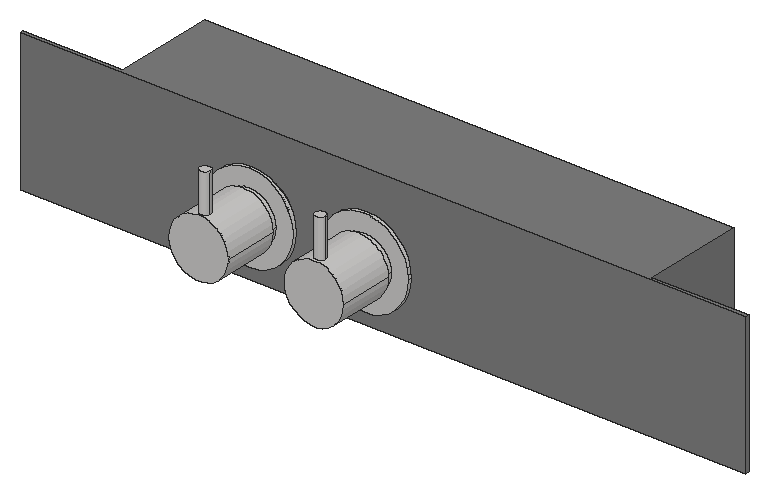
Revit family "701", category Plumbing Fixtures, Revit 2021
Family settings
  Round Connector Dimension = Use Diameter
  Part Type = Normal
  Work Plane-Based = No
  Always vertical = Yes
  Cut with Voids When Loaded = No
  Shared = No
  Room Calculation Point = No
Parameters
  e-mail = "info@vola.com"
  URL = "http://vola.com"
  Telephone = "+45 7023 5500"
  Quality management standard = "ISO 9001"
  Organisation no. / DUNS no. = "17531328"
  Occupational health and safety management standard = "ISO 18001"
  Mounting Instructions = "http://vola.com/service/producturl.ashx?name=701"
  Model = "701"
  Mixer Offset [instance] = 12.00 mm
  Mixer = yes
  Materials and components information = "http://vola.com/service/producturl.ashx?name=701"
  Manufacturer = "VOLA A/S"
  Maintenance Instructions = "http://vola.com/service/producturl.ashx?name=701"
  Guarantee = "2 years"
  Flow = "65,00 l/min"
  Environmental management standard = "ISO 14000"
  Default Elevation = 0.00 mm
  Connection - All relevant connections = "½\" for water connection"
  Approvals = "http://vola.com/service/producturl.ashx?name=701"
Reference planes
  plane 1 "Center (Front/Back)": y = 0
  plane 2: z = 0
  plane 3 "Center (Left/Right)": x = 0
  plane 4 "Mixer plane": y = 12
  plane 5 "Wall Surface": y = 0
Forms (mm)
  Extrusion 1, solid, material "Stainless Steel", visible <- "Mixer"
    sketch origin (55.5, 10, 0) x (0, 0, 1) y (-1, 0, 0)
      loop
        circle (0, 16.5) r 16.5
    from -2 to 10
  Extrusion 2, solid, material "Stainless Steel", visible <- "Mixer"
    sketch origin (-60, 10, 21) x (-1, 0, 0) y (0, 0, -1)
      loop
        circle (-21, 21) r 17.85
    from -2 to 10
Dimensions and locks
  "Mixer Offset": plane 4 "Mixer plane" to plane 1 "Center (Front/Back)"
  aligned and locked: plane 2 to level
  aligned and locked: nested 3 to plane 1 "Center (Front/Back)"
  aligned and locked: nested 1 to nested 1
  aligned and locked: plane 1 "Center (Front/Back)" to Extrusion 2
  aligned and locked: plane 1 "Center (Front/Back)" to Extrusion 1
  aligned and locked: nested 4 to plane 1 "Center (Front/Back)"
  aligned and locked: Extrusion 2 to plane 1 "Center (Front/Back)"
  aligned and locked: nested 5 to plane 4 "Mixer plane"
  aligned and locked: plane 4 "Mixer plane" to Extrusion 1
  aligned and locked: plane 4 "Mixer plane" to Extrusion 2
Automatic sketch dimensions
  Extrusion 1 sketch curve to Extrusion 1 sketch curve = 0.00 mm  (x2)
  Extrusion 1 sketch curve to level = 0.00 mm
  plane 3 "Center (Left/Right)" to Extrusion 1 sketch curve = 39.00 mm
  Extrusion 1 sketch curve to Extrusion 1 sketch curve = 16.50 mm
  Extrusion 2 sketch curve to Extrusion 2 sketch curve = 0.00 mm  (x2)
  Extrusion 2 sketch curve to level = 0.00 mm
  Extrusion 2 sketch curve to level = 17.85 mm
  Extrusion 2 sketch curve to plane 3 "Center (Left/Right)" = 39.00 mm
Nested families
  nested 1: "NR17" at (-39, -2, 0), type "NR17"
  nested 2: "NR17" at (39, -2, 0), type "NR17"
  nested 3: "001" at (39, 0, 0) x (-1, 0, 0) z (0, -1, 0), type "001"
  nested 4: "001" at (-39, 0, 0) x (0, 0, 1) z (0, -1, 0), type "001"
  nested 5: "700V" at (0, 83.5, -55), visible <- "Mixer", type "700V"
Connectors
  piping at (39, 60, -55), diameter 28
    settings: on nested 5, index 1, connector inside diameter 1.10236", connector length 0.00 mm, flow factor 0, pipe flow 0 GPM, pressure drop 0.00 psi, fitting loss kfactor 0, connector angle 0.00°, fixture units 0, engagement length 0.00 mm, angle of deflection 0.00°, flow configuration 0, flow direction 1, fitting loss method 0, system type 20, joint type 0, gender type 0, connector reference index -1, connector utility 0, adjustable connector no, is connector primary yes, connector description ""
  piping at (-39, 60, -55), diameter 28
    settings: on nested 5, index 2, connector inside diameter 1.10236", connector length 0.00 mm, flow factor 0, pipe flow 0 GPM, pressure drop 0.00 psi, fitting loss kfactor 0, connector angle 0.00°, fixture units 0, engagement length 0.00 mm, angle of deflection 0.00°, flow configuration 0, flow direction 1, fitting loss method 0, system type 19, joint type 0, gender type 0, connector reference index -1, connector utility 0, adjustable connector no, is connector primary no, connector description ""
Definition of nested family "NR17"
  Parameters
    e-mail = "info@vola.com"
    URL = "http://vola.com"
    Telephone = "+45 7023 5500"
    Quality management standard = "ISO 9001"
    Organisation no. / DUNS no. = "17531328"
    Occupational health and safety management standard = "ISO 18001"
    Mounting Instructions = "http://vola.com/service/producturl.ashx?name=NR17"
    Model = "NR17"
    Materials and components information = "http://vola.com/service/producturl.ashx?name=NR17"
    Manufacturer = "VOLA A/S"
    Maintenance Instructions = "http://vola.com/service/producturl.ashx?name=NR17"
    Guarantee = "2 years"
    Environmental management standard = "ISO 14000"
    Default Elevation = 0.00 mm
    Connection - All relevant connections = ""
    Approvals = "http://vola.com/service/producturl.ashx?name=NR17"
  Reference planes
    plane 1 "Center (Front/Back)": y = 0
    plane 2: z = 0
    plane 3 "Center (Left/Right)": x = 0
  Forms (mm)
    Extrusion 1, solid
      sketch origin (0, 0, 0) x (1, 0, 0) y (0, 0, 1)
        loop
          circle (0, 0) r 20
      from 5 to 42.5
    Extrusion 2, solid
      sketch origin (0, -2.75, 0) x (0, -1, 0) y (1, 0, 0)
        loop
          circle (34.5, 0) r 3.5
      from 19 to 45.5
    Extrusion 3, solid
      sketch origin (0, 0, 0) x (1, 0, 0) y (0, 0, 1)
        loop
          circle (0, 0) r 18
      from 0 to 5
  Cuts and joins
    joined: Extrusion 1, Extrusion 2
  Dimensions and locks
    aligned and locked: plane 2 to level
Definition of nested family "001"
  Parameters
    e-mail = "info@vola.com"
    URL = "http://vola.com"
    Telephone = "+45 7023 5500"
    Quality management standard = "ISO 9001"
    Organisation no. / DUNS no. = "17531328"
    Occupational health and safety management standard = "ISO 18001"
    Mounting Instructions = "http://vola.com/service/producturl.ashx?name=001"
    Model = "001"
    Materials and components information = "http://vola.com/service/producturl.ashx?name=001"
    Manufacturer = "VOLA A/S"
    Maintenance Instructions = "http://vola.com/service/producturl.ashx?name=001"
    Guarantee = "2 years"
    Environmental management standard = "ISO 14000"
    Default Elevation = 1219.20 mm
    Connection - All relevant connections = ""
    Approvals = "http://vola.com/service/producturl.ashx?name=001"
  Reference planes
    plane 1 "Center (Front/Back)": y = 0
    plane 2: z = 0
    plane 3 "Center (Left/Right)": x = 0
  Forms (mm)
    Extrusion 1, solid
      sketch origin (0, 0, 0) x (1, 0, 0) y (0, 1, 0)
        loop
          circle (0, 0) r 16.5
        loop
          circle (0, 0) r 30
      from 0 to 2
  Dimensions and locks
    aligned and locked: plane 2 to level
Definition of nested family "700V"
  Parameters
    e-mail = "info@vola.com"
    URL = "http://vola.com"
    Telephone = "+45 7023 5500"
    Quality management standard = "ISO 9001"
    Organisation no. / DUNS no. = "17531328"
    Occupational health and safety management standard = "ISO 18001"
    Mounting Instructions = "http://vola.com/service/producturl.ashx?name=700V"
    Model = "700V"
    Materials and components information = "http://vola.com/service/producturl.ashx?name=700V"
    Manufacturer = "VOLA A/S"
    Maintenance Instructions = "http://vola.com/service/producturl.ashx?name=700V"
    Guarantee = "2 years"
    Flow = "65,00 l/min"
    Environmental management standard = "ISO 14000"
    Default Elevation = 0.00 mm
    Connection - All relevant connections = ""
    Approvals = "http://vola.com/service/producturl.ashx?name=700V"
  Reference planes
    plane 1 "Center (Front/Back)": y = 0
    plane 2: z = 0
    plane 3 "Center (Left/Right)": x = 0
    plane 4 "Inlet Center Plane": y = -23.5
    plane 5: z = 55
  Forms (mm)
    Extrusion 1, solid
      sketch origin (0, 0, -14) x (1, 0, 0) y (0, 1, 0)
        loop
          line (-137.5, 0) -> (-137.5, -69) -> (220.5, -69) -> (220.5, 0) -> (-137.5, 0)
      from 21.5 to 116.5
    Extrusion 2, solid
      sketch origin (51, 1.5, 7.5) x (0, 1, 0) y (1, 0, 0)
        loop
          circle (-25, -12) r 14
      from 0 to 7.5
    Extrusion 3, solid
      sketch origin (0, -1, -14) x (1, 0, 0) y (0, 1, 0)
        loop
          line (-205, -68) -> (-205, -70.5) -> (285.5, -70.5) -> (285.5, -68) -> (-205, -68)
      from 21.5 to 116.5
    Extrusion 4, solid
      sketch origin (-27, 1.5, 7.5) x (0, 1, 0) y (1, 0, 0)
        loop
          circle (-25, -12) r 14
      from 0 to 7.5
  Cuts and joins
    joined: Extrusion 1, Extrusion 3
  Lines and regions (mm)
    reference lines
      curve 1: line (-39, -23.5, 55) -> (-39, -108.5, 55)
      curve 2: line (39, -23.5, 55) -> (39, -108.5, 55)
      curve 3: line (39, -23.5, 55) -> (39, -23.5, -44)
      curve 4: line (-39, -23.5, 55) -> (-39, -23.5, -44)
  Dimensions and locks
    aligned and locked: plane 2 to level
    aligned and locked: plane 5 to curve 3
    aligned and locked: Extrusion 1 to Extrusion 3
    aligned and locked: Extrusion 3 to Extrusion 1
    aligned and locked: plane 5 to curve 4
